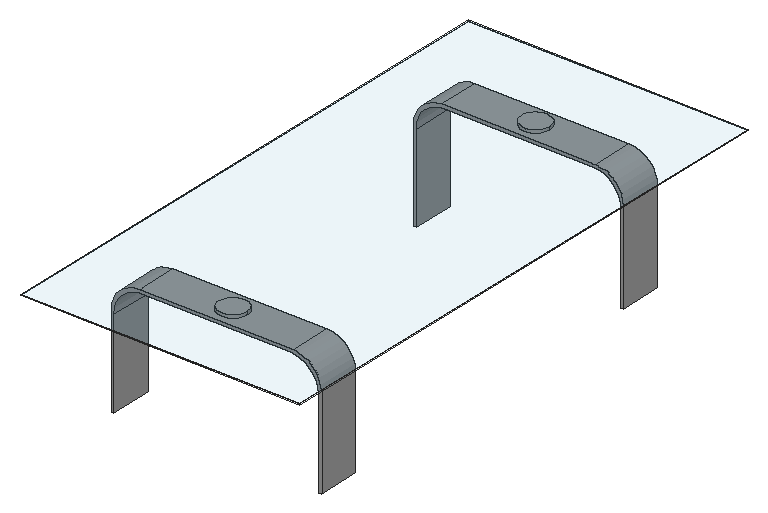
Revit family "RM - Tavolo Vetro", category Modelli generici, Revit 2016
Family settings
  Tipo di parte = Normale
  Può ospitare armatura = No
  Quota connettore circolare = Usa diametro
  Basato su piano di lavoro = No
  Sempre verticale = Sì
  Taglio con vuoti quando caricato = No
  Condiviso = No
  Punto di calcolo locali = No
Parameters
  Mezza Profondità [instance] = 1.00 m
  Mezza Larghezza [instance] = 2.00 m
  C_Profondità Tavolo [instance] = 2.00 m
  C_Materiale Zampa [instance] = Acciaio inox, Spazzolato
  C_Materiale Piano [instance] = Vetro
  C_Larghezza Tavolo [instance] = 4.00 m
  C_Altezza Tavolo = 0.88 m
Reference planes (m)
  plane 1 "Centro (Fronte/Retro)": y = 0
  plane 2: z = 0
  plane 3 "Centro (Sinistra/Destra)": x = 0
  plane 4: z = 0.88
  plane 5: x = 0.75
  plane 6: x = -0.75
  plane 7: x = 1
  plane 8: x = -1
Dimensions and locks (m)
  nested 2 to nested 3 to nested 1 = 1.20 m, 1.20 m
  "C_Altezza Tavolo": plane 4 to level
  "C_Larghezza Tavolo": nested 3 to nested 3
  "C_Profondità Tavolo": plane 8 to plane 7
  "Mezza Larghezza": nested 3 to nested 3
  "Mezza Profondità": plane 8 to nested 3
  aligned and locked: level to plane 2
  aligned and locked: plane 4 to nested 3
Nested families (m)
  nested 1: "RM - Zampa Tavolo" at (0.245532, -1.5, 0), type "RM - Zampa Tavolo"
  nested 2: "RM - Zampa Tavolo" at (0.245532, 1.2, 0), type "RM - Zampa Tavolo"
  nested 3: "RM - Piano Tavolo" at (0, 0, 0.87) x (0, -1, 0) z (0, 0, 1), type "RM - Piano Tavolo"
Definition of nested family "RM - Zampa Tavolo"
  Parameters (values of type "RM - Zampa Tavolo")
    Spessore Zampe Tavolo = 0.02 m
    Profondità Zampa = 0.30 m
    Materiale [instance] = none
    Larghezza Zampa Tavolo = 1.50 m
    Altezza Tavolo = 0.85 m
  Reference planes (m)
    plane 1 "Centro (Fronte/Retro)": y = 0
    plane 2: z = 0
    plane 3 "Centro (Sinistra/Destra)": x = -0.245532
    plane 4: z = 0.85
    plane 5: z = 0.83
    plane 6: x = -0.995532
    plane 7: x = -0.975532
    plane 8: x = 0.504468
    plane 9: x = 0.484468
    plane 10: y = 0.3
  Forms (m)
    Extrusion 1, solid, material <- "Materiale"
      sketch origin (0, 0, 0) x (1, 0, 0) y (0, 0, 1)
        loop
          arc (-0.795532, 0.85) -> (-0.936954, 0.791421) -> (-0.995532, 0.65) r 0.2
          line (-0.995532, 0.65) -> (-0.995532, 0) -> (-0.975532, 0) -> (-0.975532, 0.63)
          arc (-0.975532, 0.63) -> (-0.916954, 0.771421) -> (-0.775532, 0.83) r 0.2
          line (-0.775532, 0.83) -> (0.284468, 0.83)
          arc (0.284468, 0.83) -> (0.425889, 0.771421) -> (0.484468, 0.63) r 0.2
          line (0.484468, 0.63) -> (0.484468, 0) -> (0.504468, 0) -> (0.504468, 0.65)
          arc (0.504468, 0.65) -> (0.445889, 0.791421) -> (0.304468, 0.85) r 0.2
          line (0.304468, 0.85) -> (-0.795532, 0.85)
      from 0 to -0.3
    Extrusion 2, solid, material <- "Materiale"
      sketch origin (0.245532, 0, 0) x (1, 0, 0) y (0, 1, 0)
        loop
          circle (-0.491065, 0.15) r 0.1
      from 0.85 to 0.87
  Dimensions and locks (m)
    "Altezza Tavolo": plane 4 to level
    "Spessore Zampe Tavolo": plane 6 to plane 7
    "Spessore Zampe Tavolo": plane 4 to plane 5
    "Larghezza Zampa Tavolo": plane 6 to plane 8
    "Spessore Zampe Tavolo": plane 8 to plane 9
    "Profondità Zampa": plane 1 "Centro (Fronte/Retro)" to plane 10
    aligned and locked: level to plane 2
    aligned and locked: Extrusion 1 sketch curve to plane 6
    aligned and locked: Extrusion 1 sketch curve to plane 4
    aligned and locked: Extrusion 1 sketch curve to plane 8
    aligned and locked: level to Extrusion 1 sketch curve
    aligned and locked: Extrusion 1 sketch curve to plane 7
    aligned and locked: plane 5 to Extrusion 1 sketch curve
    aligned and locked: Extrusion 1 sketch curve to plane 9
    aligned and locked: plane 10 to Extrusion 1
    aligned and locked: plane 1 "Centro (Fronte/Retro)" to Extrusion 1
  Automatic sketch dimensions
    Extrusion 1 sketch curve to level = 0.00 m
    plane 5 to Extrusion 1 sketch curve = 0.18 m
    Extrusion 1 sketch curve to Extrusion 1 sketch curve = 0.02 m  (x2)
    plane 3 "Centro (Sinistra/Destra)" to Extrusion 1 sketch curve = 0.53 m
    Extrusion 2 sketch curve to plane 10 = 0.15 m
    Extrusion 2 sketch curve to plane 3 "Centro (Sinistra/Destra)" = 0.00 m
    radius of Extrusion 2 sketch curve = 0.10 m
Definition of nested family "RM - Piano Tavolo"
  Parameters (values of type "RM - Piano Tavolo")
    Spessore Vetro = 0.01 m
    Profondità Vetro [instance] = 2.00 m
    Materiale [instance] = none
    Larghezza Vetro [instance] = 4.00 m
  Reference planes (m)
    plane 1 "Centro (Fronte/Retro)": y = 0
    plane 2: z = 0
    plane 3 "Centro (Sinistra/Destra)": x = 0
    plane 4: y = 1
    plane 5: y = -1
    plane 6: x = -2
    plane 7: x = 2
    plane 8: z = 0.01
  Forms (m)
    Extrusion 1, solid, material <- "Materiale"
      sketch origin (0, 0, 0) x (1, 0, 0) y (0, 1, 0)
        loop
          line (-2, 1) -> (-2, -1) -> (2, -1) -> (2, 1) -> (-2, 1)
      from 0.01 to 0
  Dimensions and locks (m)
    "Larghezza Vetro": plane 6 to plane 7
    "Profondità Vetro": plane 4 to plane 5
    "Spessore Vetro": plane 8 to plane 2
    aligned and locked: level to plane 2
    aligned and locked: plane 6 to Extrusion 1 sketch curve
    aligned and locked: Extrusion 1 sketch curve to plane 4
    aligned and locked: Extrusion 1 sketch curve to plane 7
    aligned and locked: Extrusion 1 sketch curve to plane 5
    aligned and locked: plane 8 to Extrusion 1
    aligned and locked: Extrusion 1 to Extrusion 1
